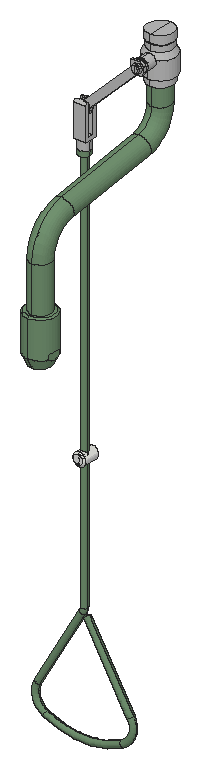
Revit family "PRD_FrankeWS_SftyShwrs_EmergencyShower_FAID0009", category Plumbing Fixtures, Revit 2018
Family settings
  Round Connector Dimension = Use Diameter
  Part Type = Normal
  OmniClass Number = 23.45.05.14.99
  OmniClass Title = Other Sanitary Washing Plumbing Fixtures
  Work Plane-Based = Yes
  Always vertical = Yes
  Cut with Voids When Loaded = No
  Shared = No
  Room Calculation Point = No
Parameters (values of type "FAID0009")
  WarrantyStartDate [instance] = "1900-12-31T23:59:59"
  WarrantyGuarantorParts = "n/a"
  WarrantyGuarantorLabor = "n/a"
  WarrantyDurationUnit = "year"
  WarrantyDurationParts = "n/a"
  WarrantyDurationLabor = "n/a"
  WarrantyDescription = "n/a"
  VolumeFlowRate = "1.83 l/s at 3 bar"
  Version = "1"
  Uniclass2015Version = "Products v1.17"
  Uniclass2015Title = "Safety showers"
  Uniclass2015Code = "Pr_40_20_27_75"
  URL = "www.kwc.com"
  TypeOfFitting = "Ceiling installation"
  Type = "Pipe connection"
  TagNumber [instance] = "n/a"
  SustainabilityPerformance = "n/a"
  SpoutProjection = "195.00 mm"
  Size = "n/a"
  ShowerType = "Individual"
  ShowerMaterial = PRD_AR_Brass_EPSCoated_Green
  ShowerHeadDescription = "Emergency shower head"
  Shape = "n/a"
  SerialNumber [instance] = "n/a"
  Revision = "n/a"
  ReplacementCost = "n/a"
  ProductInformation = "https://pim.kwc.com/product/2030019182/attachment/datasheet?locale=en"
  NominalWidth = 0.000 mm
  NominalHeight = 0.000 mm
  NominalDepth = 0.000 mm
  NetWeight = 1.66 kg
  Name = "Emergency Shower FAID0009"
  NBSTypeID = "n/a"
  NBSReference = "n/a"
  NBSOfficeMasterTag = "n/a"
  NBSNote = "n/a"
  NBSDescription = "n/a"
  NBSCertification = "n/a"
  ModelReference = "FAID0009"
  ModelNumber = "2030019182"
  Model = ModelReference  # "FAID0009"
  Material = "brass"
  ManufacturerURL = "www.kwc.com"
  ManufacturerName = "KWC Group AG"  # constant formula
  Manufacturer = ManufacturerName  # "KWC Group AG"
  IntegralAccessories = "n/a"
  InstallationDate [instance] = "1900-12-31T23:59:59"
  InletSize = "DN-20-3-4INH"
  IfcExportType = "SHOWER"
  IfcExportAs = "IfcSanitaryTerminalType"
  HasTray = "FALSE"
  GrossWeight = 2.46 kg
  Grade = "n/a"
  FittingMaterial = PRD_AR_Brass_EPSCoated_Green
  Finish = "EPS coated"
  Features = "ceiling mounting, with water supply from the ceiling, valve operated by triangular handle, shower pipe with horizontal offset so that the handle is outside the water spray"
  ExpectedLife = "n/a"
  DurationUnit = "year"
  DrainSize = 20.000 mm
  DiameterNominal = 20 mm
  Default Elevation = 0.000 mm
  Description = "Pull-rod operated emergency shower, for ceiling mounting, with water supply from the ceiling, valve operated by triangular handle, shower pipe with horizontal offset so that the handle is outside the water spray. Non-self-closing, the water flow is stopped by pushing up the handle. With wall bracket and emergency shower head, green EPS coated (RAL 6032). Complies with EN 15154, Part 1. Includes the emergency shower safety symbol on an adhesive label in compliance with ISO 3864, Part 1 and user instructions. Volumetric flow rate approx. 65 l/min at 1 bar pressure, approx. 110 l/min at 3 bar pressure, water connection G 3/4 B."
  CreatedOn = "03/2021"  # constant formula
  Constituents = "n/a"
  Color = "green"
  CodePerformance = "n/a"
  Category = "Pr_40_20_27_75, Safety showers"
  BarCode [instance] = "n/a"
  BIMObjectName = "PRD_AR_SafetyShowers_EmergencyShower_FAID0009"
  Author = "Archispace"  # constant formula
  AssetType = "Fixed"
  AssetIdentifier [instance] = "n/a"
  AccessibilityPerformance = "n/a"
Reference planes
  plane 1 "Center (Front/Back)": y = 0
  plane 2: z = 0
  plane 3 "Center (Left/Right)": x = 0
  plane 4: x = -70
  plane 5: z = -30
  plane 6: z = -100
Forms (mm)
  Sweep 1, solid, material "PRD_AR_Brass_EPSCoated_Green" <- "ShowerMaterial", detail levels medium+fine
    path origin (0, 72.5, 0) x (0, 0, 1) y (0, -1, 0)
      loop
        line (-242, 267.5) -> (-182.818, 267.5)
        arc (-182.818, 267.5) -> (-154.607, 256.953) -> (-140.236, 230.484) r 43
        line (-140.236, 230.484) -> (-122.63, 105.211)
        arc (-122.63, 105.211) -> (-109.93, 81.821) -> (-85, 72.5) r 38
        line (-85, 72.5) -> (-60, 72.5)
    profile origin (0, -195, -212.409) x (0, -1, 0) y (1, 0, 0)
      loop
        circle (0, 0) r 13.5
  Revolve 2, solid, material "PRD_AR_Brass_EPSCoated_Green" <- "ShowerMaterial", detail levels fine
    sketch origin (0, 205, -193.1) x (0, 0, 1) y (0, -1, 0)
      loop
        line (-110.8, 389) -> (-110.8, 386) -> (-97.933, 380) -> (-50.9, 380) -> (-48.9, 382) -> (-48.9, 400) -> (-98.6, 400) -> (-98.6, 393.75) -> (-106.3, 390.542) -> (-106.3, 389) -> (-110.8, 389)
      axis (-48.9, 400) -> (-110.8, 400)
    angle from 0 to 360
  Extrusion 3, void
    sketch origin (-32, -114.5, -394.7) x (0, -1, 0) y (1, 0, 0)
      loop
        line (100.5, 14) -> (60.5, 14) -> (60.5, 12) -> (100.5, 12) -> (100.5, 14)
      loop
        line (100.5, 50) -> (100.5, 52) -> (60.5, 52) -> (60.5, 50) -> (100.5, 50)
    from 90.8 to 110.8
  Revolve 4, solid, material "PRD_AR_Aluminium", detail levels fine
    sketch origin (0, 0, 132) x (0, -1, 0) y (0, 0, -1)
      loop
        line (16.46, 132) -> (16.46, 142.299) -> (15.433, 143.345) -> (15.433, 151.185) -> (20, 158.96) -> (20, 181.866) -> (16.777, 182.73) -> (0, 182.73) -> (0, 132) -> (16.46, 132)
      axis (0, 182.73) -> (0, 132)
    angle from 0 to 360
  Sweep 5, solid, material "PRD_AR_Brass_EPSCoated_Green" <- "ShowerMaterial", detail levels medium+fine
    path origin (-400, 55.736, 53.023) x (1, 0, 0) y (0, 0, 1)
      loop
        line (330, -207.823) -> (330, -736.023)
        arc (330, -736.023) -> (329.591, -739.129) -> (328.392, -742.023) r 12
        line (328.392, -742.023) -> (269.739, -843.614)
        arc (269.739, -843.614) -> (267.418, -863.211) -> (280.034, -878.386) r 25
        arc (280.034, -878.386) -> (330, -890.389) -> (379.966, -878.386) r 110
        arc (379.966, -878.386) -> (392.582, -863.211) -> (390.261, -843.614) r 25
        line (390.261, -843.614) -> (333.785, -745.793)
    profile origin (-70, 55.736, -418.9) x (0, -1, 0) y (1, 0, 0)
      loop
        circle (91.436, 0) r 4
  Revolve 6, solid, material "PRD_AR_Aluminium", detail levels fine
    sketch origin (260, -35.7, -5.841) x (-1, 0, 0) y (0, 0, -1)
      loop
        line (330, 130.159) -> (330, 142.159) -> (322.5, 142.159) -> (322.5, 130.159) -> (330, 130.159)
      axis (330, 130.159) -> (330, 142.159)
    angle from 0 to 360
  Extrusion 7, solid, material "PRD_AR_Aluminium", detail levels fine
    sketch origin (-180.159, -124.633, -430) x (0, 0, 1) y (1, 0, 0)
      loop
        circle (330, 110.159) r 8
    from 90.433 to 92.933
  Extrusion 8, solid, material "PRD_AR_Aluminium", detail levels fine
    sketch origin (-180.159, -130.133, -430) x (0, 0, 1) y (1, 0, 0)
      loop
        circle (330, 110.159) r 8
    from 90.433 to 92.933
  Revolve 9, solid, material "PRD_AR_Aluminium", detail levels medium
    sketch origin (0, 0, 132) x (0, -1, 0) y (0, 0, -1)
      loop
        line (16.46, 132) -> (16.46, 152.933) -> (20, 158.96) -> (20, 182.73) -> (0, 182.73) -> (0, 132) -> (16.46, 132)
      axis (0, 182.73) -> (0, 132)
    angle from 0 to 360
  Extrusion 10, solid, material "PRD_AR_Brass_EPSCoated_Green" <- "ShowerMaterial", detail levels coarse
    sketch origin (0, 30, 12.5) x (0, 0, 1) y (-1, 0, 0)
      loop
        line (-12.5, 45) -> (-364.8, 45) -> (-364.8, -22.15) -> (-12.5, -22.15) -> (-12.5, 45)
    from 10.04 to 245
  Extrusion 11, solid, material "PRD_AR_Brass_EPSCoated_Green" <- "ShowerMaterial", detail levels coarse
    sketch origin (-36, 30, 12.5) x (0, 0, 1) y (-1, 0, 0)
      loop
        line (-34, -58.15) -> (-34, 103.067) -> (-854.8, 103.067) -> (-854.8, -58.15) -> (-34, -58.15)
    from 53.7 to 75.7
  Revolve 12, solid, material "PRD_AR_Aluminium", detail levels medium+fine
    sketch origin (0, 0, 132) x (0, -1, 0) y (0, 0, -1)
      loop
        line (16.612, 182.73) -> (16.612, 192) -> (0, 192) -> (0, 182.73) -> (16.612, 182.73)
      axis (0, 192) -> (0, 182.73)
    angle from 0 to 360
  Revolve 13, solid, material "PRD_AR_Brass_EPSCoated_Green" <- "ShowerMaterial", detail levels fine
    sketch origin (260, -35.7, -20.841) x (-1, 0, 0) y (0, 0, -1)
      loop
        line (322.5, 127.159) -> (330, 127.159) -> (330, 133.959) -> (322.5, 133.959) -> (322.5, 127.159)
      axis (330, 127.159) -> (330, 133.959)
    angle from 0 to 360
  Revolve 14, solid, material "PRD_AR_ResinBondedMaterial_White", detail levels fine
    sketch origin (-70, 93.3, -34.141) x (0, 0, 1) y (0, -1, 0)
      loop
        line (-473.859, 117) -> (-465.609, 117) -> (-465.609, 137) -> (-467.609, 139) -> (-473.859, 139) -> (-473.859, 117)
      axis (-473.859, 139) -> (-473.859, 117)
    angle from 0 to 360
  Revolve 15, solid, material "PRD_AR_Aluminium", detail levels fine
    sketch origin (0, 0, 0) x (0, 1, 0) y (0, 0, 1)
      loop
        line (-41.6, -30) -> (-41.6, -33.969) -> (-40.2, -33.969) -> (-40.2, -35.5) -> (-37.2, -35.5) -> (-37.2, -34) -> (-32.5, -34) -> (-32.5, -37.706) -> (-30.5, -37.706) -> (-30.5, -35.965) -> (-29.5, -35.897) -> (-29.5, -38.5) -> (0, -38.5) -> (0, -30) -> (-41.6, -30)
      axis (-41.6, -30) -> (0, -30)
    angle from 0 to 360
  Extrusion 16, solid, material "PRD_AR_Aluminium", detail levels fine
    sketch origin (-34, 0, 1.064) x (1, 0, 0) y (0, 0, 1)
      loop
        line (-28, -137.064) -> (-28, -92.839)
        arc (-28, -92.839) -> (-36, -91.064) -> (-44, -92.839) r 18.922
        line (-44, -92.839) -> (-44, -137.064) -> (-28, -137.064)
    from 27.7 to 43.7
  Extrusion 17, void
    sketch origin (0, 0, 1.064) x (0, 1, 0) y (0, 0, 1)
      loop
        line (-39.7, -91.064) -> (-39.7, -133.064) -> (-31.7, -133.064) -> (-31.7, -91.064) -> (-26.879, -95.885) -> (-26.879, -89.064) -> (-44.521, -89.064) -> (-44.521, -95.885) -> (-39.7, -91.064)
    from -78 to -62
  Extrusion 18, solid, material "PRD_AR_Aluminium", detail levels fine
    sketch origin (0, 0, 0) x (1, 0, 0) y (0, 0, 1)
      loop
        line (-61.601, -98.675) -> (-0.926, -38) -> (3, -38)
        arc (3, -38) -> (6.536, -36.536) -> (8, -33) r 5
        line (8, -33) -> (8, -27)
        arc (8, -27) -> (6.536, -23.464) -> (3, -22) r 5
        line (3, -22) -> (-8, -22) -> (-8, -30.932) -> (-68.672, -91.604)
        arc (-68.672, -91.604) -> (-76.007, -106.01) -> (-61.601, -98.675) r 8.5
      loop
        circle (0, -30) r 4
    from 34.2 to 37.2
  Revolve 19, void
    sketch origin (-70, 0, 0) x (0, 1, 0) y (0, 0, 1)
      loop
        line (-35.7, -522.478) -> (-30.7, -522.478) -> (-30.7, -495.719) -> (-35.7, -495.719) -> (-35.7, -522.478)
      axis (-35.7, -522.478) -> (-35.7, -495.719)
    angle from 0 to 360
  Revolve 20, solid, material "PRD_AR_Brass_EPSCoated_Green" <- "ShowerMaterial", detail levels medium
    sketch origin (0, 205, -193.1) x (0, 0, 1) y (0, -1, 0)
      loop
        line (-110.8, 400) -> (-110.8, 380) -> (-48.9, 380) -> (-48.9, 400) -> (-110.8, 400)
      axis (-48.9, 400) -> (-110.8, 400)
    angle from 0 to 360
  Revolve 21, solid, material "PRD_AR_Aluminium", detail levels medium
    sketch origin (0, 0, 0) x (0, 1, 0) y (0, 0, 1)
      loop
        line (-41.6, -30) -> (-41.6, -38.5) -> (0, -38.5) -> (0, -30) -> (-41.6, -30)
      axis (-41.6, -30) -> (0, -30)
    angle from 0 to 360
  Extrusion 22, solid, material "PRD_AR_Aluminium", detail levels medium
    sketch origin (0, 0, 0) x (1, 0, 0) y (0, 0, 1)
      loop
        line (-66.462, -103.536) -> (3.536, -33.538) -> (-3.536, -26.467) -> (-73.533, -96.464) -> (-66.462, -103.536)
    from 34.2 to 37.2
  Extrusion 23, solid, material "PRD_AR_Aluminium", detail levels medium
    sketch origin (-34, 0, 1.064) x (1, 0, 0) y (0, 0, 1)
      loop
        line (-28, -155.864) -> (-28, -91.064) -> (-44, -91.064) -> (-44, -155.864) -> (-28, -155.864)
    from 27.7 to 43.7
  Revolve 24, solid, material "PRD_AR_ResinBondedMaterial_White", detail levels medium
    sketch origin (-70, 93.3, -34.141) x (0, 0, 1) y (0, -1, 0)
      loop
        line (-473.859, 117) -> (-465.609, 117) -> (-465.609, 139) -> (-473.859, 139) -> (-473.859, 117)
      axis (-473.859, 139) -> (-473.859, 117)
    angle from 0 to 360
Cuts and joins
  joined: Revolve 4, Revolve 15
  Extrusion 17 cuts Extrusion 16
  Extrusion 3 cuts Revolve 2
  Revolve 19 cuts Revolve 14
  joined: Revolve 9, Revolve 21, Extrusion 22, Extrusion 23
  joined: Extrusion 10, Extrusion 11
Dimensions and locks
  plane 5 to plane 6 = 70.000 mm
  plane 3 "Center (Left/Right)" to plane 4 = 70.000 mm
  aligned and locked: level to plane 2
Connectors
  piping at (0, 0, 0), diameter 20, driven by "DiameterNominal"
    settings: on cut or joined group of Revolve 9, Revolve 21, Extrusion 22, Extrusion 23, index 1, connector inside diameter 609.6 mm, connector length 0.000 mm, flow factor 0, pipe flow 0.0 L/s, pressure drop 0.0 Pa, fitting loss kfactor 0, connector angle 0.00°, fixture units 0, engagement length 0.000 mm, angle of deflection 0.00°, flow configuration 0, flow direction 1, fitting loss method 0, system type 7, joint type 0, gender type 0, connector reference index -1, connector utility 0, adjustable connector no, is connector primary yes, connector description ""
